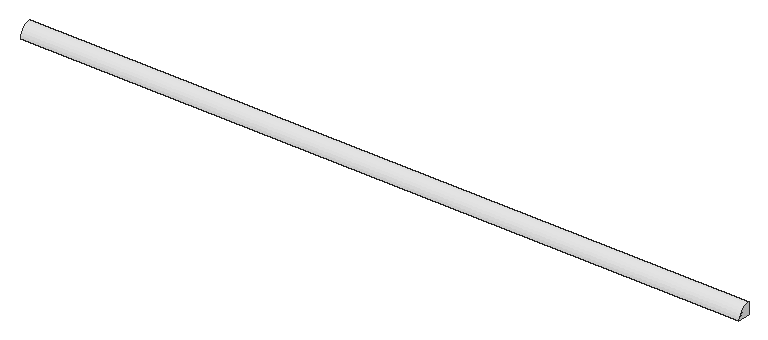
Revit family "13-MOULDING-CADS-157-PCBQTRROUND-4-REVIT_Versatex-Generic-Model-QUARTER-ROUND", category Generic Models, host Face, Revit 2026
Family settings
  Host = Face
  Can host rebar = No
  Round Connector Dimension = Use Diameter
  Part Type = Normal
  Cut with Voids When Loaded = No
  Maintain Annotation Orientation = No
  Shared = No
  Room Calculation Point = No
Parameters
  Model = "PCBQTRROUND"
  Length = 4' - 0"
  Warranty = "https://versatex.com/warranty/"
  URL = "https://versatex.com/"
  Specification = "https://www.arcat.com/company/versatex-45716/spec?coid=45716"
  Sales Information = "https://versatex.com/dealer-locator/"
  Message Manufacturer = "https://versatex.com/contact/"
  Material = Versatex PVC - Smooth
  Manufacturer Website = "https://versatex.com/"
  Manufacturer Phone = "724-857-1111"
  Manufacturer Fax = "724-857-1171"
  Manufacturer Address = "400 Steel Street, Aliquippa, PA 15001"
  Manufacturer = "Versatex"
  Literature = "https://versatex.com/literature/?_sft_literature_category=cads"
  Description = "QUARTER ROUND"
  Default Elevation = 4' - 0"
  Copyright = "© 2024 VERSATEX Building Products, LLC"
Reference planes (in)
  plane 1 "Center (Front/Back)": y = 0
  plane 2: z = 0
  plane 3 "Center (Left/Right)": x = 0
  plane 4: x = 24
  plane 5: x = -24
Forms (in)
  Sweep 1, solid, material "Versatex PVC - Smooth" <- "Material"
    path origin (0, 0, 0) x (1, 0, 0) y (0, 1, 0)
      loop
        line (-24, 0) -> (24, 0)
    profile "Versatex_Profile_QUARTER ROUND : Versatex_Profile_QUARTER ROUND" origin (0, 0, 0) x (0, 1, 0) y (0, 0, 1)
      loop
        arc (0, 0.75833) -> (-0.51071, 0.51071) -> (-0.75833, 0) r 0.86583
        line (-0.75833, 0) -> (0, 0) -> (0, 0.75833)
Dimensions and locks (in)
  "Length": plane 5 to plane 4
  equal spacing: plane 5, plane 3 "Center (Left/Right)", plane 4, locked at 24 each
  aligned and locked: plane 2 to host face
  aligned and locked: level to host face
Automatic sketch dimensions
  host sketch curve to host sketch curve = 8' - 0"  (x2)
  plane 1 "Center (Front/Back)" to Sweep 1 sketch curve = 0' - 0"
  Sweep 1 sketch curve to plane 5 = 0' - 0"
  Sweep 1 sketch curve to plane 4 = 0' - 0"
